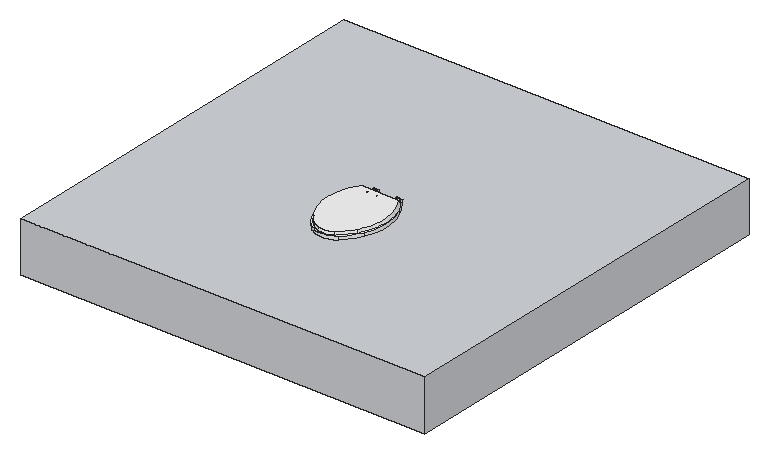
Revit family (continued)
Automatic sketch dimensions
  curve 52 to curve 48 = 0' - 0.11881"
  curve 52 to curve 54 = 0' - 0.11868"
  curve 35 to curve 38 = 0' - 0.16994"
  curve 48 to curve 49 = 0' - 0.18396"  (x2)
  curve 55 to curve 62 = 0' - 0.0287"  (x2)
  curve 40 to curve 39 = 0' - 0.00065"  (x2)
  curve 55 to curve 56 = 0' - 0.03017"  (x2)
  curve 41 to curve 50 = 0' - 0.00147"  (x2)
  curve 39 to curve 37 = 0' - 0.65417"
  curve 56 to curve 57 = 0' - 0.06862"  (x2)
  curve 50 to curve 51 = 0' - 0.06862"  (x2)
  curve 51 to curve 53 = 0' - 0.08698"
  curve 57 to curve 59 = 0' - 0.12366"
  curve 53 to curve 47 = 0' - 0.03668"
  curve 67 to curve 66 = 0' - 0.42656"
  curve 37 to curve 33 = 0' - 0.40632"
  curve 36 to curve 36 = 0' - 0.25049"
  curve 45 to curve 43 = 0' - 0.20375"
  curve 64 to curve 52 = 18' - 5.44623"
  curve 23 to plane 76 = 0' - 0"
  curve 16 to plane 3 "Center (Left/Right)" = 0' - 0"
  curve 23 to plane 79 = 0' - 0"
  curve 22 to plane 79 = 0' - 0"
  plane 82 to curve 23 = 0' - 0"
  curve 9 to plane 76 = 0' - 0.00023"
  curve 12 to plane 76 = 0' - 0.15202"
  curve 7 to plane 76 = 0' - 0.56101"
  plane 82 to curve 9 = 0' - 0.0653"
  curve 9 to curve 7 = 0' - 0.07505"
  curve 10 to curve 11 = 0' - 0.26319"
  curve 13 to plane 76 = 0' - 0.99502"
  curve 11 to plane 76 = 0' - 1.04438"
  curve 3 to plane 76 = 0' - 1.07271"
  curve 1 to curve 10 = 0' - 0.32954"
  plane 82 to curve 8 = 0' - 0.4075"
  curve 17 to curve 4 = 0' - 0.07345"
  curve 10 to curve 1 = 0' - 0.09212"
  curve 5 to curve 17 = 0' - 0.47358"
  curve 15 to curve 3 = 0' - 0.76449"
  curve 13 to curve 8 = 0' - 0.64905"
  curve 18 to curve 5 = 0' - 0.16817"
  curve 13 to curve 13 = 0' - 0.07756"
  curve 1 to curve 14 = 0' - 0.13312"
  plane 4 "Left" to curve 10 = 0' - 0.71399"
  plane 4 "Left" to curve 2 = 0' - 0.39793"
  plane 4 "Left" to curve 1 = 0' - 0.30384"
  curve 12 to plane 4 "Left" = 0' - 0.08409"
  plane 1 "Pivot Center" to curve 11 = 0' - 0.46563"
  curve 11 to plane 4 "Left" = 0' - 6.23942"
  curve 10 to plane 13 "Back" = 0' - 2.83534"
  curve 13 to plane 82 = 0' - 0.22123"
  plane 76 to curve 13 = 0' - 0.37063"
  curve 16 to plane 77 = 0' - 0.23517"
  curve 15 to curve 2 = 0' - 0.04423"
  curve 3 to plane 3 "Center (Left/Right)" = 0' - 0"
  plane 78 to curve 3 = 0' - 0.23277"
  curve 4 to curve 16 = 0' - 0.04423"
  curve 19 to plane 79 = 0' - 0.06035"
  plane 79 to curve 7 = 0' - 0.55889"
  plane 82 to curve 6 = 0' - 0.2299"
  plane 82 to curve 21 = 0' - 0.0653"
  curve 6 to curve 21 = 0' - 0.07505"
  plane 82 to curve 21 = 0' - 0.13035"
  curve 22 to curve 21 = 0' - 0.26319"
  curve 21 to plane 13 "Back" = 0' - 0.82397"
  curve 21 to curve 21 = 0' - 0.40831"
  curve 21 to curve 5 = 0' - 0.32954"
  plane 82 to curve 6 = 0' - 0.4075"
  plane 79 to curve 2 = 0' - 1.23101"
  curve 2 to curve 15 = 0' - 0.07345"
  curve 6 to curve 19 = 0' - 0.09212"
  curve 15 to curve 1 = 0' - 0.47358"
  curve 5 to curve 19 = 0' - 0.65289"
  curve 1 to curve 14 = 0' - 0.16817"
  curve 19 to curve 18 = 0' - 0.07371"
  curve 17 to curve 5 = 0' - 0.13312"
  plane 5 "Right" to curve 20 = 0' - 0.71399"
  plane 5 "Right" to curve 4 = 0' - 0.39793"
  plane 5 "Right" to curve 5 = 0' - 0.30384"
  plane 5 "Right" to curve 19 = 0' - 0.0667"
  curve 20 to plane 13 "Back" = 0' - 2.83534"
  curve 12 to plane 12 = 0' - 2.13085"
  curve 19 to plane 12 = 0' - 2.25564"
  curve 5 to curve 14 = 0' - 0.11435"
  curve 1 to curve 14 = 0' - 0.11435"
  curve 17 to curve 5 = 0' - 0.26324"
  curve 15 to curve 1 = 0' - 0.26324"
  curve 4 to curve 17 = 0' - 0.07384"
  curve 2 to curve 1 = 0' - 0.33708"
  curve 2 to curve 3 = 0' - 0.1693"
  curve 17 to curve 4 = 0' - 0.53618"
  curve 15 to curve 2 = 0' - 0.53619"
  curve 18 to curve 17 = 0' - 0"
  curve 18 to curve 19 = 0' - 0.10093"
  curve 25 to plane 9 = 0' - 0"
  curve 24 to plane 8 = 0' - 0"
  curve 25 to plane 4 "Left" = 0' - 0"
  plane 4 "Left" to curve 24 = 0' - 0.12475"
  plane 4 "Left" to curve 26 = 0' - 0.30384"
  curve 27 to curve 26 = 0' - 0.09409"
  curve 30 to plane 7 "Top" = 0' - 0.18291"
  plane 10 to curve 26 = 0' - 0.08255"
  curve 26 to curve 30 = 0' - 0.1722"
  curve 29 to plane 7 "Top" = 0' - 0.18972"
  curve 29 to curve 26 = 0' - 0.37482"
  curve 28 to curve 29 = 0' - 0.16042"
  plane 10 to curve 28 = 0' - 0.02034"
  curve 28 to plane 77 = 0' - 0.18232"
  curve 28 to plane 3 "Center (Left/Right)" = 0' - 0"
  plane 10 to curve 29 = 0' - 0.02044"
  plane 78 to curve 29 = 0' - 0.23277"
  curve 27 to plane 7 "Top" = 0' - 0.18971"
  plane 79 to curve 27 = 0' - 1.23101"
  plane 10 to curve 29 = 0' - 0.08246"
  curve 29 to curve 27 = 0' - 0.373"
  curve 26 to curve 30 = 0' - 0.17403"
  curve 30 to curve 29 = 0' - 0.09409"
  plane 5 "Right" to curve 24 = 0' - 0.12475"
  curve 25 to plane 5 "Right" = 0' - 0.01378"
  curve 26 to plane 7 "Top" = 0' - 0.18289"
  curve 67 to plane 8 = 0' - 0"
  curve 53 to plane 9 = 0' - 0"
  curve 60 to level = 0' - 0"
  curve 54 to plane 77 = 0' - 0"
  curve 59 to level = 0' - 0"
  curve 47 to level = 0' - 0"
  curve 53 to plane 78 = 0' - 0"
  curve 46 to plane 79 = 0' - 0"
  curve 45 to plane 79 = 0' - 0"
  curve 33 to plane 8 = 0' - 0"
  curve 42 to level = 0' - 0"
  plane 76 to curve 66 = 0' - 0.29378"
  plane 76 to curve 64 = 0' - 0.21525"
  curve 55 to plane 76 = 0' - 0.00023"
  level to curve 63 = 0' - 0.32345"
  curve 63 to plane 76 = 0' - 0.88271"
  plane 9 to curve 62 = 0' - 0.15706"
  curve 62 to curve 63 = 0' - 0.30401"
  curve 64 to curve 62 = 0' - 0.09702"
  curve 65 to curve 63 = 0' - 0.10401"
  curve 65 to plane 10 = 0' - 0.14663"
  curve 65 to curve 63 = 0' - 0.23092"
  curve 65 to curve 61 = 0' - 0.07559"
  curve 65 to curve 65 = 0' - 0.07146"
  curve 63 to curve 65 = 0' - 0.21593"
  curve 66 to curve 66 = 0' - 0.20375"
  curve 66 to plane 8 = 0' - 0.04517"
  curve 66 to curve 66 = 0' - 0.29366"
  curve 67 to curve 67 = 0' - 0.05435"
  curve 64 to level = 0' - 0.00092"
  curve 67 to plane 9 = 0' - 0.01773"
  curve 67 to curve 67 = 0' - 0.57198"
  curve 64 to curve 64 = 0' - 0.44899"
  plane 11 to curve 52 = 5' - 7.41231"
  curve 52 to plane 4 "Left" = 17' - 5.68758"
  curve 52 to plane 3 "Center (Left/Right)" = 0' - 0"
  curve 39 to plane 79 = 0' - 0.36362"
  curve 34 to plane 79 = 0' - 0.11366"
  level to curve 40 = 0' - 0.3177"
  plane 9 to curve 41 = 0' - 0.15706"
  curve 40 to curve 41 = 0' - 0.30411"
  curve 38 to plane 8 = 0' - 0.13527"
  curve 41 to curve 38 = 0' - 0.09541"
  curve 39 to curve 40 = 0' - 0"
  curve 38 to curve 36 = 0' - 0.02142"
  curve 36 to curve 36 = 0' - 0.10337"
  curve 36 to curve 35 = 0' - 0.01071"
  curve 36 to plane 8 = 0' - 0.10221"
  curve 38 to curve 36 = 0' - 0.15009"
  curve 40 to curve 35 = 0' - 0.15494"
  curve 35 to curve 35 = 0' - 0.05198"
  curve 35 to curve 35 = 0' - 0.09508"
  curve 35 to curve 40 = 0' - 0.16657"
  curve 35 to curve 34 = 0' - 0.11683"
  curve 34 to plane 8 = 0' - 0.04517"
  curve 34 to curve 34 = 0' - 0.38058"
  curve 34 to curve 33 = 0' - 0.05258"
  plane 9 to curve 37 = 0' - 0.14644"
  curve 33 to curve 37 = 0' - 0.2195"
  plane 11 to curve 37 = 0' - 0.56055"
  curve 39 to level = 0' - 0.0009"
  curve 37 to curve 39 = 0' - 0.2328"
  curve 33 to plane 9 = 0' - 0.01191"
  curve 37 to curve 33 = 0' - 0.33328"
  curve 39 to curve 39 = 0' - 0.4528"
  level to curve 64 = 0' - 0.10013"
  level to curve 39 = 0' - 0.1026"
  curve 54 to curve 62 = 0' - 0.21265"
  curve 43 to curve 48 = 0' - 0.11334"
  curve 35 to curve 39 = 0' - 0.06981"
  curve 65 to curve 64 = 0' - 0.06441"
  curve 59 to plane 9 = 0' - 0.03668"
  curve 42 to plane 9 = 0' - 0.03668"
  curve 45 to plane 8 = 0' - 0.14852"
Types (11): name | Finish
  (no name) | Plastic-Kohler-0-White
  Plastic-White-0 | Plastic-Kohler-0-White
  Plastic-Black_Black-7 | Plastic-Kohler-7-Black Black
  Plastic-Mexican_Sand-33 | Plastic-Kohler-33-Mexican Sand
  Plastic-Almond-47 | Plastic-Kohler-47-Almond
  Plastic-Innocent_Blush-55 | Plastic-Kohler-55-Innocent Blush
  Plastic-Thunder_Grey-58 | Plastic-Kohler-58-Thunder Grey
  Plastic-Ice_Grey-95 | Plastic-Kohler-95-Ice Grey
  Plastic-Biscuit-96 | Plastic-Kohler-96-Biscuit
  Plastic-Sandbar-G9 | Plastic-Kohler-G9-Sandbar
  Plastic-Cashmere-K4 | Plastic-Kohler-K4-Cashmere
